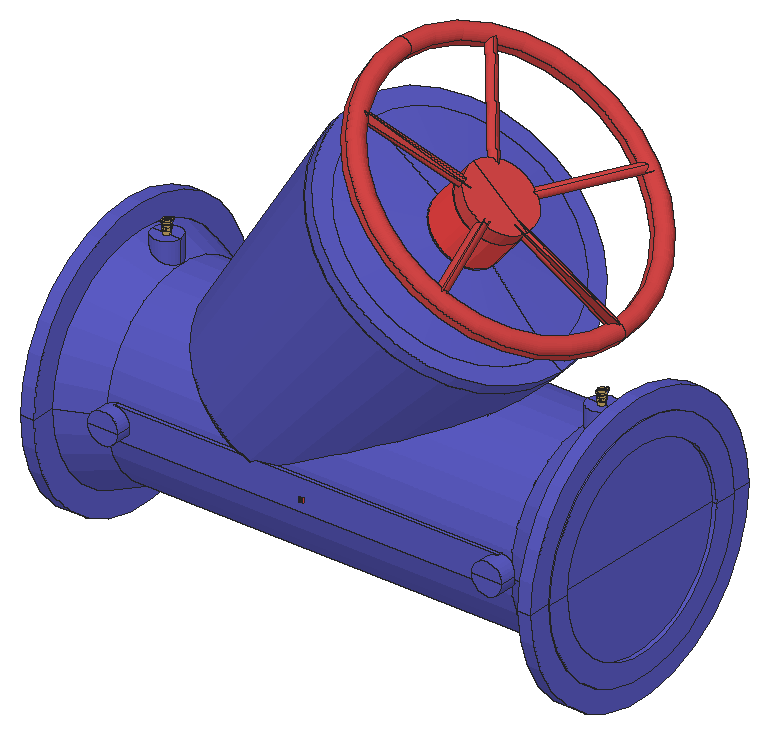
Revit family "HERZ Strömax Балансировочный клапан с измерительными клапанами, шпиндель наклонный 4218 GF PN16", category Rohrzubehör, Revit 2020
Family settings
  Bemaßung runder Anschluss = Durchmesser verwenden
  Teiletyp = Unterbricht
  OmniClass-Nummer = 23.65.55.14
  OmniClass-Titel = Valves for Liquid Services
  Arbeitsebenenbasiert = Nein
  Immer vertikal = Ja
  Beim Laden mit Abzugskörper schneiden = Nein
  Gemeinsam genutzt = Nein
Parameters
  Шпиндель = "нержавеющая сталь"  # constant formula
  Среда = "Допускается использование этилен- и пропиленгликоля в концентрации смеси 25-50% объема.\r\nКачество теплоносителя согласно ÖNORM H 5195 и VDI 2035."
  Область применения = "Для гидравлической балансировки в системах отопления или охлаждения, регулирования и перекрытия трубопроводов, стояков, теплообменников, тепловых и холодильных регистров."
  Номер заказа [instance] = size_lookup("4218_GF_16_", "Artnr", 0, Nennweite)  # 1421890
  Мин. рабочая температура = -10 °C  # constant formula
  Макс. рабочее давление = 1600000.0 Pa  # constant formula
  Макс. рабочая температура = 110 °C  # constant formula
  Корпус = "чугун с шаровидным графитом EN-GJS-400-15"  # constant formula
  Исполнение = "Балансировочный  клапан STRÖMAX-GF с измерительными клапанами, DN 350-500, корпус из чугуна с шаровидным графитом GJS 400-15 в соответствии с EN 1561, фланцы в соответствии с EN 1092, PN 16 или PN 25, покрыт синей эмалью.\r\nБукса из чугуна с шаровидным графитом GJS 400-15, с неподнимающимся шпинделем, уплотнение шпинделя с посощью тройных кольцевых уплотнений.\r\nЦифровой лимб указателя настройки."
  Измерение перепада давления = "Балансировочный клапан STRÖMAX GF оборудован двумя измерительными клапанами:\r\nпри использовании соответствующего измерительного прибора можно измерить перепад давления и благодаря этому можно соответственно определить расход."
  Букса = "чугун с шаровидным графитом EN-GJS-400-15"  # constant formula
  kvs-значения [instance] = if(Nennweite = 350.00 mm, 2917.6, if(Nennweite = 400.00 mm, 3854.8, if(Nennweite = 500.00 mm, 5250.6, 0)))  # 3854.8
  Счетное устройство = "пластмасса"  # constant formula
  W02 = 60.00°  # constant formula
  W01 = 50.00°  # constant formula
  Кегель клапана = "чугун с шаровидным графитом EN-GJS-400-15 согласно EN 1561 / EPDM с покрытием"  # constant formula
  Vorgabe-Ansicht = 0.00 mm
  S01 [instance] = Nennweite + 10.00 mm  # 410.00 mm
  Регулирующий шпиндель = "нержавеющая сталь"  # constant formula
  O-Ring = "EPDM"  # constant formula
  L04 [instance] = size_lookup("4218_GF_16_", "L4", 1.00 mm, Nennweite)  # 229.00 mm
  H11 = 85.00 mm  # constant formula
  H10 [instance] = H07 + H03  # 629.50 mm
  H08 = 47.00 mm  # constant formula
  H07 = 50.00 mm  # constant formula
  H06 = 27.00 mm  # constant formula
  H05 [instance] = H04 + 25.00 mm  # 516.00 mm
  H04 [instance] = size_lookup("4218_GF_16_", "H4", 1.00 mm, Nennweite)  # 491.00 mm
  H03 [instance] = size_lookup("4218_GF_16_", "H3", 1.00 mm, Nennweite)  # 579.50 mm
  Вес [instance] = if(Nennweite = 350.00 mm, "536.0 kg", if(Nennweite = 400.00 mm, "547.0 kg", if(Nennweite = 500.00 mm, "968.0 kg", "0")))  # "547.0 kg"
  URL = "www.herz-armaturen.ru"
  SCRNSEQ = "ARM;ARM_TYP=\"STRV\";2"
  SCRNCODE = "05;07;02"  # constant formula
  R02 [instance] = size_lookup("4218_GF_16_", "R2", 1.00 mm, Nennweite)  # 30.00 mm
  R01 [instance] = size_lookup("4218_GF_16_", "R1", 1.00 mm, Nennweite)  # 32.50 mm
  Nennweite [instance] = 400.00 mm
  L03 [instance] = size_lookup("4218_GF_16_", "L3", 1.00 mm, Nennweite)  # 465.00 mm
  L02 [instance] = size_lookup("4218_GF_16_", "L2", 1.00 mm, Nennweite)  # 410.00 mm
  L01 [instance] = size_lookup("4218_GF_16_", "L1", 1.00 mm, Nennweite)  # 432.50 mm
  L00 [instance] = size_lookup("4218_GF_16_", "L", 1.00 mm, Nennweite)  # 1100.00 mm
  Hersteller = "HERZ Armaturen Ges.m.b.H."  # constant formula
  H09 [instance] = H03  # 579.50 mm
  H02 [instance] = size_lookup("4218_GF_16_", "H2", 1.00 mm, Nennweite)  # 250.00 mm
  H01 [instance] = size_lookup("4218_GF_16_", "H1", 1.00 mm, Nennweite)  # 239.00 mm
  GT = 10.00 mm  # constant formula
  FLL02 [instance] = size_lookup("4218_GF_16_", "FLL2", 1.00 mm, Nennweite)  # 28.00 mm
  FLL01 [instance] = size_lookup("4218_GF_16_", "FLL1", 1.00 mm, Nennweite)  # 4.00 mm
  FLD03 [instance] = size_lookup("4218_GF_16_", "FLD3", 1.00 mm, Nennweite)  # 203.20 mm
  FLD02 [instance] = size_lookup("4218_GF_16_", "FLD2", 1.00 mm, Nennweite)  # 240.00 mm
  FLD01 [instance] = size_lookup("4218_GF_16_", "FLD1", 1.00 mm, Nennweite)  # 245.00 mm
  FLD00 [instance] = size_lookup("4218_GF_16_", "FLD", 1.00 mm, Nennweite)  # 290.00 mm
  DN500 [instance] = Nennweite = 500.00 mm  # no
  DN400 [instance] = Nennweite = 400.00 mm  # yes
  DN350 [instance] = Nennweite = 350.00 mm  # no
  D05 = 75.00 mm  # constant formula
  D04 [instance] = size_lookup("4218_GF_16_", "D4", 1.00 mm, Nennweite)  # 37.50 mm
  D03 [instance] = size_lookup("4218_GF_16_", "D3", 1.00 mm, Nennweite)  # 220.00 mm
  D02 [instance] = D03 - 20.00 mm  # 200.00 mm
  D01 [instance] = size_lookup("4218_GF_16_", "D1", 1.00 mm, Nennweite)  # 285.00 mm
  D00 [instance] = size_lookup("4218_GF_16_", "D", 1.00 mm, Nennweite)  # 218.00 mm
  BH02 [instance] = -BH01  # -32.50 mm
  BH01 [instance] = size_lookup("4218_GF_16_", "BH1", 1.00 mm, Nennweite)  # 32.50 mm
  Anschluss [instance] = Nennweite / 2  # 200.00 mm
Reference planes
  plane 1 "Mitte (Vorne/hinten)": y = 0
  plane 2: z = 0
  plane 3 "Mitte (Links/rechts)": x = 0
Forms (mm)
  Revolve 1, solid, material "Herz-Marineblau", detail levels fine
    sketch origin (1058.943, 0, 0) x (1, 0, 0) y (0, 1, 0)
      loop
        line (-1604.943, 290) -> (-1604.943, 245) -> (-1608.943, 245) -> (-1608.943, 200) -> (-1598.943, 200) -> (-1598.943, 0) -> (-518.943, 0) -> (-518.943, 200) -> (-508.943, 200) -> (-508.943, 245) -> (-512.943, 245) -> (-512.943, 290) -> (-540.943, 290) -> (-540.943, 240) -> (-626.443, 203.2)
        arc (-626.443, 203.2) -> (-1058.943, 218) -> (-1491.443, 203.2) r 6326.868
        line (-1491.443, 203.2) -> (-1576.943, 240) -> (-1576.943, 290) -> (-1604.943, 290)
      axis (-1608.943, 0) -> (-508.943, 0)
    angle from 0 to 360
  Revolve 2, solid, material "Herz-Marineblau", detail levels fine
    sketch origin (0, 0, 0) x (1, 0, 0) y (0, 1, 0)
      loop
        line (-410, 239) -> (-442.5, 239) -> (-442.5, -239) -> (-410, -239) -> (-410, 239)
      axis (-410, 239) -> (-410, -239)
    angle from 0 to 360
  Revolve 3, solid, material "Herz-Marineblau", detail levels fine
    sketch origin (0, 0, 0) x (-1, 0, 0) y (0, 1, 0)
      loop
        line (-410, 239) -> (-442.5, 239) -> (-442.5, -239) -> (-410, -239) -> (-410, 239)
      axis (-410, 239) -> (-410, -239)
    angle from 0 to 360
  Revolve 4, solid, material "Herz-Marineblau", detail levels fine
    sketch origin (0, 0, 0) x (1, 0, 0) y (0, 0, 1)
      loop
        line (-465, 0) -> (-465, 250) -> (-495, 250) -> (-495, 0) -> (-465, 0)
      axis (-465, 250) -> (-465, 0)
    angle from 0 to 360
  Revolve 5, solid, material "Herz-Marineblau", detail levels fine
    sketch origin (0, 0, 0) x (-1, 0, 0) y (0, 0, 1)
      loop
        line (-465, 0) -> (-465, 250) -> (-495, 250) -> (-495, 0) -> (-465, 0)
      axis (-465, 250) -> (-465, 0)
    angle from 0 to 360
  Extrusion 6, solid, material "Herz-Marineblau", visible <- "DN500", detail levels fine
    sketch origin (0, 0, 0) x (1, 0, 0) y (0, 1, 0)
      loop
        arc (-475, -263.998) -> (0, -282.994) -> (475, -263.998) r 5948.094
        line (475, -263.998) -> (475, 263.998)
        arc (475, 263.998) -> (0, 282.994) -> (-475, 263.998) r 5948.094
        line (-475, 263.998) -> (-475, -263.998)
    from -32.5 <- "BH02" to 32.5 <- "BH01"
  Extrusion 7, solid, material "Herz-Marineblau", visible <- "DN400", detail levels fine
    sketch origin (0, 0, 0) x (1, 0, 0) y (0, 1, 0)
      loop
        arc (-410, -209.712) -> (0, -223.005) -> (410, -209.712) r 6329.849
        line (410, -209.712) -> (410, 209.712)
        arc (410, 209.712) -> (0, 223.005) -> (-410, 209.712) r 6329.849
        line (-410, 209.712) -> (-410, -209.712)
    from -32.5 <- "BH02" to 32.5 <- "BH01"
  Extrusion 8, solid, material "Herz-Marineblau", visible <- "DN350", detail levels fine
    sketch origin (0, 0, 0) x (1, 0, 0) y (0, 1, 0)
      loop
        arc (-390, -185.916) -> (0, -255.071) -> (390, -185.916) r 1134.286
        line (390, -185.916) -> (390, 185.916)
        arc (390, 185.916) -> (0, 255.071) -> (-390, 185.916) r 1134.286
        line (-390, 185.916) -> (-390, -185.916)
    from -32.5 <- "BH02" to 32.5 <- "BH01"
  Revolve 9, solid, material "Herz-Marineblau", detail levels fine
    sketch origin (0, 0, 0) x (1, 0, 0) y (0, 0, 1)
      loop
        line (-229, 0) -> (143.495, 443.923) -> (-74.827, 627.117) -> (-340.643, 209.208) -> (-341.392, 177.201) -> (-229, 0)
      axis (-229, 0) -> (143.495, 443.923)
    angle from 0 to 360
  Revolve 10, solid, material "Herz-Marineblau", detail levels fine
    sketch origin (0, 0, 0) x (1, 0, 0) y (0, 0, 1)
      loop
        line (143.495, 443.923) -> (175.635, 482.225) -> (118.181, 530.434) -> (116.253, 528.136)
        arc (116.253, 528.136) -> (45.842, 579.084) -> (-28.745, 623.696) r 995.411
        line (-28.745, 623.696) -> (-57.472, 647.8) -> (-74.827, 627.117) -> (143.495, 443.923)
      axis (175.635, 482.225) -> (143.495, 443.923)
    angle from 0 to 360
  Revolve 11, solid, material "Kunsstoff rot", detail levels fine
    sketch origin (0, 0, 0) x (1, 0, 0) y (0, 0, 1)
      loop
        line (175.635, 482.225) -> (230.272, 547.339) -> (172.818, 595.548) -> (118.181, 530.434) -> (175.635, 482.225)
      axis (230.272, 547.339) -> (175.635, 482.225)
    angle from 0 to 360
Lines and regions (mm)
  model lines, detail levels coarse+medium
    curve 1: line (-550, 0, 290) -> (-550, 0, -290)
    curve 2: line (-550, 0, -290) -> (550, 0, 290)
    curve 3: line (550, 0, 290) -> (550, 0, -290)
    curve 4: line (550, 0, -290) -> (-550, 0, 290)
    curve 5: line (0, 0, 0) -> (334.574, 0, 579.5)
    curve 6: line (157.039, 0, 682) -> (512.11, 0, 477)
    curve 7: line (-550, 290, 0) -> (-550, -290, 0)
    curve 8: line (-550, -290, 0) -> (550, 290, 0)
    curve 9: line (550, 290, 0) -> (550, -290, 0)
    curve 10: line (550, -290, 0) -> (-550, 290, 0)
    curve 11: line (0, 0, 0) -> (334.574, 579.5, 0)
    curve 12: line (157.039, 682, 0) -> (512.11, 477, 0)
Dimensions and locks
  "FLD00": plane 1 "Mitte (Vorne/hinten)" to Revolve 1 sketch curve
  "FLD01": plane 1 "Mitte (Vorne/hinten)" to Revolve 1 sketch curve
  "FLD02": plane 1 "Mitte (Vorne/hinten)" to Revolve 1 sketch curve  (x2)
  "FLD03": plane 1 "Mitte (Vorne/hinten)" to Revolve 1 sketch curve  (x2)
  "GT": Revolve 1 sketch curve to Revolve 1 sketch curve  (x2)
  "FLL01": Revolve 1 sketch curve to Revolve 1 sketch curve  (x2)
  "FLL02": Revolve 1 sketch curve to Revolve 1 sketch curve  (x2)
  equal spacing: Revolve 1 sketch curve, plane 3 "Mitte (Links/rechts)", Revolve 1 sketch curve
  "Anschluss": Revolve 1 sketch curve to plane 1 "Mitte (Vorne/hinten)"
  "Anschluss": plane 1 "Mitte (Vorne/hinten)" to Revolve 1 sketch curve
  "FLD01": Revolve 1 sketch curve to plane 1 "Mitte (Vorne/hinten)"
  "FLD00": Revolve 1 sketch curve to plane 1 "Mitte (Vorne/hinten)"
  "L00": Revolve 1 sketch curve to Revolve 1 sketch curve
  "D00": plane 1 "Mitte (Vorne/hinten)" to Revolve 1 sketch curve
  "L01": Revolve 1 sketch curve to plane 3 "Mitte (Links/rechts)" to Revolve 1 sketch curve
  "L02": Revolve 2 sketch curve to plane 3 "Mitte (Links/rechts)"
  "R01": Revolve 2 sketch curve to Revolve 2 sketch curve
  "H01": Revolve 2 sketch curve to plane 1 "Mitte (Vorne/hinten)" to Revolve 2 sketch curve
  "L02": plane 3 "Mitte (Links/rechts)" to Revolve 3 sketch curve
  "R01": Revolve 3 sketch curve to Revolve 3 sketch curve
  "H01": Revolve 3 sketch curve to plane 1 "Mitte (Vorne/hinten)" to Revolve 3 sketch curve
  "L03": plane 3 "Mitte (Links/rechts)" to Revolve 4 sketch curve
  "R02": Revolve 4 sketch curve to Revolve 4 sketch curve
  "H02": Revolve 4 sketch curve to plane 2
  "R02": Revolve 5 sketch curve to Revolve 5 sketch curve
  "L03": Revolve 5 sketch curve to plane 3 "Mitte (Links/rechts)"
  "H02": Revolve 5 sketch curve to plane 2
  "L03": plane 3 "Mitte (Links/rechts)" to nested 1
  "L03": nested 2 to plane 3 "Mitte (Links/rechts)"
  "H02": nested 1 to plane 2
  "H02": nested 2 to plane 2
  "FLD00": curve 4 to plane 2 to curve 2
  "FLD00": curve 3 to plane 2 to curve 4
  equal spacing: curve 1, plane 3 "Mitte (Links/rechts)", curve 3
  "L00": curve 1 to curve 3
  "H09": curve 5 to plane 2
  equal spacing: curve 1, curve 5, curve 3
  equal spacing: curve 6, curve 5, curve 6
  "S01": curve 6 to curve 6
  "FLD00": curve 8 to plane 1 "Mitte (Vorne/hinten)" to curve 10
  "FLD00": curve 10 to plane 1 "Mitte (Vorne/hinten)" to curve 9
  equal spacing: curve 7, plane 3 "Mitte (Links/rechts)", curve 9
  "L00": curve 7 to curve 9
  equal spacing: curve 7, curve 11, curve 9
  "H09": plane 1 "Mitte (Vorne/hinten)" to curve 11
  equal spacing: curve 12, curve 11, curve 12
  "S01": curve 12 to curve 12
  "L04": plane 3 "Mitte (Links/rechts)" to Revolve 9 sketch curve  (x2)
  "H03": Revolve 9 sketch curve to Revolve 9 sketch curve
  "D02": Revolve 9 sketch curve to Revolve 9 sketch curve
  "H05": Revolve 9 sketch curve to Revolve 9 sketch curve
  "H04": Revolve 9 sketch curve to Revolve 9 sketch curve
  "D03": Revolve 9 sketch curve to Revolve 9 sketch curve
  "H03": Revolve 10 sketch curve to Revolve 10 sketch curve
  "D01": Revolve 10 sketch curve to Revolve 10 sketch curve  (x2)
  "D04": Revolve 10 sketch curve to Revolve 10 sketch curve
  "D05": Revolve 10 sketch curve to Revolve 10 sketch curve
  "H06": Revolve 9 to Revolve 10 sketch curve
  "H07": Revolve 9 to Revolve 10 sketch curve
  "H08": Revolve 9 to Revolve 10 sketch curve
  "L04": plane 3 "Mitte (Links/rechts)" to Revolve 10 sketch curve
  "D01": Revolve 9 sketch curve to Revolve 9 sketch curve
  "L04": plane 3 "Mitte (Links/rechts)" to Revolve 11 sketch curve
  "H11": Revolve 10 to Revolve 11 sketch curve
  "D05": Revolve 11 sketch curve to Revolve 11 sketch curve  (x2)
  "H10": Revolve 11 sketch curve to Revolve 11 sketch curve
  "W02": angle plane 2 to curve 5
  "W02": angle plane 1 "Mitte (Vorne/hinten)" to curve 11
  "W01": angle plane 2 to Revolve 9 sketch curve  (x2)
  "W01": angle plane 2 to Revolve 10 sketch curve  (x2)
  "W01": angle plane 2 to Revolve 11 sketch curve  (x2)
  aligned and locked: level to plane 2
Automatic sketch dimensions
  Extrusion 6 sketch curve to plane 3 "Mitte (Links/rechts)" = 0.00 mm  (x2)
  plane 1 "Mitte (Vorne/hinten)" to Extrusion 6 sketch curve = 263.998 mm
  Extrusion 6 sketch curve to plane 3 "Mitte (Links/rechts)" = 475.00 mm
  Extrusion 6 sketch curve to Extrusion 6 sketch curve = 5401.102 mm
  Extrusion 6 sketch curve to plane 1 "Mitte (Vorne/hinten)" = 5665.10 mm
  Extrusion 6 sketch curve to plane 1 "Mitte (Vorne/hinten)" = 263.998 mm  (x2)
  Extrusion 7 sketch curve to plane 3 "Mitte (Links/rechts)" = 0.00 mm  (x2)
  plane 1 "Mitte (Vorne/hinten)" to Extrusion 7 sketch curve = 209.712 mm  (x2)
  Extrusion 7 sketch curve to plane 3 "Mitte (Links/rechts)" = 410.00 mm
  Extrusion 7 sketch curve to Extrusion 7 sketch curve = 5897.131 mm
  Extrusion 7 sketch curve to plane 1 "Mitte (Vorne/hinten)" = 6106.844 mm
  Extrusion 7 sketch curve to plane 1 "Mitte (Vorne/hinten)" = 209.712 mm
  Extrusion 8 sketch curve to plane 3 "Mitte (Links/rechts)" = 0.00 mm  (x2)
  plane 1 "Mitte (Vorne/hinten)" to Extrusion 8 sketch curve = 185.916 mm
  Extrusion 8 sketch curve to plane 3 "Mitte (Links/rechts)" = 390.00 mm
  Extrusion 8 sketch curve to Extrusion 8 sketch curve = 693.298 mm
  Extrusion 8 sketch curve to plane 1 "Mitte (Vorne/hinten)" = 879.214 mm
  Extrusion 8 sketch curve to plane 1 "Mitte (Vorne/hinten)" = 185.916 mm  (x2)
  plane 1 "Mitte (Vorne/hinten)" to Revolve 1 sketch curve = 0.00 mm  (x2)
  Revolve 1 sketch curve to Revolve 1 sketch curve = 35.00 mm
  Revolve 1 sketch curve to Revolve 1 sketch curve = 40.00 mm
  Revolve 2 sketch curve to Revolve 2 sketch curve = 0.00 mm  (x3)
  Revolve 3 sketch curve to Revolve 3 sketch curve = 0.00 mm  (x3)
  Revolve 4 sketch curve to level = 0.00 mm  (x2)
  Revolve 4 sketch curve to Revolve 4 sketch curve = 0.00 mm  (x2)
  Revolve 5 sketch curve to level = 0.00 mm  (x2)
  Revolve 5 sketch curve to Revolve 5 sketch curve = 0.00 mm  (x2)
  Revolve 9 sketch curve to level = 0.00 mm  (x2)
  Revolve 10 sketch curve to level = 0.00 mm
  Revolve 10 sketch curve to level = 252.062 mm
  Revolve 11 sketch curve to level = 0.00 mm
Nested families
  nested 1: "Messstutzen_Band_Eintritt_senkrecht_(oben)" at (-465, 0, 241), type "Messstutzen_Band_Eintritt_senkrecht_(oben)", detail levels fine
    with Schutzkappe yes, Nennweite 0.00 mm, Gewicht 0.00 kg, Bestellnummer 0
  nested 2: "Messstutzen_Band_Austritt_senkrecht_(oben)" at (465, 0, 241), type "Messstutzen_Band_Austritt_senkrecht_(oben)", detail levels fine
    with Schutzkappe yes, Nennweite 0.00 mm, Gewicht 0.00 kg, Bestellnummer 0
  nested 3: "Herz-Logo-vorne" at (0, -282.994, 0) x (0, 1, 0) z (0, 0, 1), visible <- "DN500", type "Herz-Logo-vorne", detail levels fine
  nested 4: "Herz-Logo-vorne" at (0, -221.503, 0) x (0, 1, 0) z (0, 0, 1), visible <- "DN400", type "Herz-Logo-vorne", detail levels fine
  nested 5: "Herz-Logo-vorne" at (0, -255.053, 0) x (0, 1, 0) z (0, 0, 1), visible <- "DN350", type "Herz-Logo-vorne", detail levels fine
  nested 6: "Strangregulierventil-Handrad_VOLL-Schräg (Rot) DN350-DN400" at (211.704, 0, 501.376), visible <- "DN350", type "Strangregulierventil-Handrad_VOLL-Schräg (Rot) DN350-DN400"
    with DN300 yes
  nested 7: "Strangregulierventil-Handrad_VOLL-Schräg (Rot) DN350-DN400" at (230.272, 0, 547.339), visible <- "DN400", type "Strangregulierventil-Handrad_VOLL-Schräg (Rot) DN350-DN400"
    with DN300 yes
  nested 8: "Strangregulierventil-Handrad_VOLL-Schräg (Rot) DN500" at (262.637, 0, 616.896), visible <- "DN500", type "Strangregulierventil-Handrad_VOLL-Schräg (Rot) DN500", detail levels fine
    with DN300 yes
Connectors
  piping at (-550, 0, 0), diameter 400, driven by "Nennweite"
    settings: on Revolve 1, index 1, connector inside diameter 609.6 mm, connector length 0.00 mm, flow factor 0, pipe flow 0.0 L/s, pressure drop 0.0 Pa, fitting loss kfactor 0, connector angle 0.00°, fixture units 0, engagement length 0.00 mm, angle of deflection 0.00°, flow configuration 0, flow direction 1, fitting loss method 0, system type 29, joint type 0, gender type 0, connector reference index -1, connector utility 0, adjustable connector no, is connector primary yes, connector description ""
  piping at (550, 0, 0), diameter 400, driven by "Nennweite"
    settings: on Revolve 1, index 2, connector inside diameter 609.6 mm, connector length 0.00 mm, flow factor 0, pipe flow 0.0 L/s, pressure drop 0.0 Pa, fitting loss kfactor 0, connector angle 0.00°, fixture units 0, engagement length 0.00 mm, angle of deflection 0.00°, flow configuration 0, flow direction 2, fitting loss method 0, system type 29, joint type 0, gender type 0, connector reference index -1, connector utility 0, adjustable connector no, is connector primary no, connector description ""
Definition of nested family "Messstutzen_Band_Eintritt_senkrecht_(oben)"
  Parameters (values of type "Messstutzen_Band_Eintritt_senkrecht_(oben)")
    Default Elevation = 0.00 mm
    URL = "www.herz-armaturen.at"
    Schutzkappe [instance] = yes
    Nennweite [instance] = 0.00 mm
    Manufacturer = "Herz Armaturen GmbH"  # constant formula
    Gewicht [instance] = 0.00 kg
    Bestellnummer [instance] = 0
  Reference planes
    plane 1 "Mitte (Vorne/hinten)": y = 0
    plane 2: z = 0
    plane 3 "Mitte (Links/rechts)": x = 0
    plane 4 "Schlaufe 1": z = -27
    plane 5 "Schlaufe 2": z = -31.678
  Forms (mm)
    Revolve 1, solid, detail levels fine
      sketch origin (0, 0, 0) x (1, 0, 0) y (0, 0, 1)
        loop
          line (-7.4, 9) -> (-5.55, 9) -> (-5.55, 6)
          arc (-5.55, 6) -> (-5.626, 5.617) -> (-5.843, 5.293) r 1
          line (-5.843, 5.293) -> (-6.455, 4.681) -> (-6.455, 0.9) -> (-5.555, 0) -> (-2, 0) -> (-2, 17.5) -> (-8.4, 17.5)
          arc (-8.4, 17.5) -> (-7.693, 17.207) -> (-7.4, 16.5) r 1
          line (-7.4, 16.5) -> (-7.4, 9)
        loop
          line (-3.7, 27) -> (-7.3, 27) -> (-7.9, 26.4) -> (-7.9, 23) -> (-2, 23) -> (-2, 35.8) -> (-3.805, 35.8) -> (-4.415, 35.19) -> (-4.415, 30.863) -> (-3.7, 30.45) -> (-3.7, 27)
        axis (0, 0) -> (0, 35.8)
      angle from 0 to 360
    Extrusion 2, solid, detail levels fine
      sketch origin (0, 0, 17.5) x (0, 1, 0) y (-1, 0, 0)
        loop
          arc (-7.07, 5.156) -> (-7.578, 4.375) -> (-8, 3.544) r 8.75
          line (-8, 3.544) -> (-8, -3.544)
          arc (-8, -3.544) -> (-7.578, -4.375) -> (-7.07, -5.156) r 8.75
          line (-7.07, -5.156) -> (-0.93, -8.7)
          arc (-0.93, -8.7) -> (0, -8.75) -> (0.93, -8.7) r 8.75
          line (0.93, -8.7) -> (7.07, -5.156)
          arc (7.07, -5.156) -> (7.578, -4.375) -> (8, -3.544) r 8.75
          line (8, -3.544) -> (8, 3.544)
          arc (8, 3.544) -> (7.578, 4.375) -> (7.07, 5.156) r 8.75
          line (7.07, 5.156) -> (0.93, 8.7)
          arc (0.93, 8.7) -> (0, 8.75) -> (-0.93, 8.7) r 8.75
          line (-0.93, 8.7) -> (-7.07, 5.156)
      from 0 to 5.5
    Revolve 3, solid, visible <- "Schutzkappe", detail levels fine
      sketch origin (0, 0, 0) x (1, 0, 0) y (0, 0, 1)
        loop
          line (0, 35.878) -> (0, 36.678) -> (-7, 36.678) -> (-7, 33.378) -> (-6.1, 33.378) -> (-6.1, 31.678) -> (-6.9, 31.678) -> (-6.9, 30.178) -> (-4.415, 30.178) -> (-4.415, 35.268) -> (-3.805, 35.878) -> (0, 35.878)
        axis (0, 30.178) -> (0, 36.678)
      angle from 0 to 360
    Extrusion 4, solid, detail levels fine
      sketch origin (0, 0, 28.5) x (1, 0, 0) y (0, 1, 0)
        loop
          circle (0, 0) r 3.7
        loop
          arc (-3.906, 5.505) -> (0, -6.75) -> (3.906, 5.505) r 6.75
          arc (3.906, 5.505) -> (2.358, 7.288) -> (1.8, 9.582) r 5
          line (1.8, 9.582) -> (-1.8, 9.582)
          arc (-1.8, 9.582) -> (-2.358, 7.288) -> (-3.906, 5.505) r 5
      from 0 to -1.5
    Extrusion 5, solid, detail levels fine
      sketch origin (0, 0, 33.178) x (1, 0, 0) y (0, 1, 0)
        loop
          circle (0, 0) r 6.1
        loop
          arc (-4.495, 8.652) -> (0, -9.75) -> (4.495, 8.652) r 9.75
          arc (4.495, 8.652) -> (2.527, 10.493) -> (1.8, 13.089) r 5
          line (1.8, 13.089) -> (-1.8, 13.089)
          arc (-1.8, 13.089) -> (-2.527, 10.493) -> (-4.495, 8.652) r 5
      from 0 to -1.5
    Sweep 6, solid, detail levels fine
      path origin (0, 0, 0) x (0, 0, -1) y (0, -1, 0)
        loop
          line (-27.75, -9.582) -> (-27.75, -14.522)
          arc (-27.75, -14.522) -> (-30.089, -16.862) -> (-32.428, -14.522) r 2.339
          line (-32.428, -14.522) -> (-32.428, -13.089)
      profile origin (0, 12.052, 27.75) x (0, 0, 1) y (1, 0, 0)
        loop
          line (-0.75, -1.8) -> (0.75, -1.8) -> (0.75, 1.8) -> (-0.75, 1.8) -> (-0.75, -1.8)
  Dimensions and locks
    aligned and locked: level to plane 2
Definition of nested family "Messstutzen_Band_Austritt_senkrecht_(oben)"
  Parameters (values of type "Messstutzen_Band_Austritt_senkrecht_(oben)")
    Default Elevation = 0.00 mm
    URL = "www.herz-armaturen.at"
    Schutzkappe [instance] = yes
    Nennweite [instance] = 0.00 mm
    Manufacturer = "Herz Armaturen GmbH"  # constant formula
    Gewicht [instance] = 0.00 kg
    Bestellnummer [instance] = 0
  Reference planes
    plane 1 "Mitte (Vorne/hinten)": y = 0
    plane 2: z = 0
    plane 3 "Mitte (Links/rechts)": x = 0
    plane 4 "Schlaufe 1": z = -27
    plane 5 "Schlaufe 2": z = -31.678
  Forms (mm)
    Revolve 1, solid, detail levels fine
      sketch origin (0, 0, 0) x (1, 0, 0) y (0, 0, 1)
        loop
          line (-7.4, 9) -> (-5.55, 9) -> (-5.55, 6)
          arc (-5.55, 6) -> (-5.626, 5.617) -> (-5.843, 5.293) r 1
          line (-5.843, 5.293) -> (-6.455, 4.681) -> (-6.455, 0.9) -> (-5.555, 0) -> (-2, 0) -> (-2, 17.5) -> (-8.4, 17.5)
          arc (-8.4, 17.5) -> (-7.693, 17.207) -> (-7.4, 16.5) r 1
          line (-7.4, 16.5) -> (-7.4, 9)
        loop
          line (-3.7, 27) -> (-7.3, 27) -> (-7.9, 26.4) -> (-7.9, 23) -> (-2, 23) -> (-2, 35.8) -> (-3.805, 35.8) -> (-4.415, 35.19) -> (-4.415, 30.863) -> (-3.7, 30.45) -> (-3.7, 27)
        axis (0, 0) -> (0, 35.8)
      angle from 0 to 360
    Extrusion 2, solid, detail levels fine
      sketch origin (0, 0, 17.5) x (0, 1, 0) y (-1, 0, 0)
        loop
          arc (-7.07, 5.156) -> (-7.578, 4.375) -> (-8, 3.544) r 8.75
          line (-8, 3.544) -> (-8, -3.544)
          arc (-8, -3.544) -> (-7.578, -4.375) -> (-7.07, -5.156) r 8.75
          line (-7.07, -5.156) -> (-0.93, -8.7)
          arc (-0.93, -8.7) -> (0, -8.75) -> (0.93, -8.7) r 8.75
          line (0.93, -8.7) -> (7.07, -5.156)
          arc (7.07, -5.156) -> (7.578, -4.375) -> (8, -3.544) r 8.75
          line (8, -3.544) -> (8, 3.544)
          arc (8, 3.544) -> (7.578, 4.375) -> (7.07, 5.156) r 8.75
          line (7.07, 5.156) -> (0.93, 8.7)
          arc (0.93, 8.7) -> (0, 8.75) -> (-0.93, 8.7) r 8.75
          line (-0.93, 8.7) -> (-7.07, 5.156)
      from 0 to 5.5
    Revolve 3, solid, visible <- "Schutzkappe", detail levels fine
      sketch origin (0, 0, 0) x (1, 0, 0) y (0, 0, 1)
        loop
          line (0, 35.878) -> (0, 36.678) -> (-7, 36.678) -> (-7, 33.378) -> (-6.1, 33.378) -> (-6.1, 31.678) -> (-6.9, 31.678) -> (-6.9, 30.178) -> (-4.415, 30.178) -> (-4.415, 35.268) -> (-3.805, 35.878) -> (0, 35.878)
        axis (0, 30.178) -> (0, 36.678)
      angle from 0 to 360
    Extrusion 4, solid, detail levels fine
      sketch origin (0, 0, 28.5) x (1, 0, 0) y (0, 1, 0)
        loop
          circle (0, 0) r 3.7
        loop
          arc (-3.906, 5.505) -> (0, -6.75) -> (3.906, 5.505) r 6.75
          arc (3.906, 5.505) -> (2.358, 7.288) -> (1.8, 9.582) r 5
          line (1.8, 9.582) -> (-1.8, 9.582)
          arc (-1.8, 9.582) -> (-2.358, 7.288) -> (-3.906, 5.505) r 5
      from 0 to -1.5
    Extrusion 5, solid, detail levels fine
      sketch origin (0, 0, 33.178) x (1, 0, 0) y (0, 1, 0)
        loop
          circle (0, 0) r 6.1
        loop
          arc (-4.495, 8.652) -> (0, -9.75) -> (4.495, 8.652) r 9.75
          arc (4.495, 8.652) -> (2.527, 10.493) -> (1.8, 13.089) r 5
          line (1.8, 13.089) -> (-1.8, 13.089)
          arc (-1.8, 13.089) -> (-2.527, 10.493) -> (-4.495, 8.652) r 5
      from 0 to -1.5
    Sweep 6, solid, detail levels fine
      path origin (0, 0, 0) x (0, 0, -1) y (0, -1, 0)
        loop
          line (-27.75, -9.582) -> (-27.75, -14.522)
          arc (-27.75, -14.522) -> (-30.089, -16.862) -> (-32.428, -14.522) r 2.339
          line (-32.428, -14.522) -> (-32.428, -13.089)
      profile origin (0, 12.052, 27.75) x (0, 0, 1) y (1, 0, 0)
        loop
          line (-0.75, -1.8) -> (0.75, -1.8) -> (0.75, 1.8) -> (-0.75, 1.8) -> (-0.75, -1.8)
  Dimensions and locks
    aligned and locked: level to plane 2
Definition of nested family "Herz-Logo-vorne"
  Parameters (values of type "Herz-Logo-vorne")
    Default Elevation = 0.00 mm
  Reference planes
    plane 1 "Mitte (Vorne/hinten)": y = 0
    plane 2: z = 0
    plane 3 "Mitte (Links/rechts)": x = 0
  Forms (mm)
    Extrusion 1, solid
      sketch origin (0.732, -0.018, 0.017) x (0, -1, 0) y (0, 0, 1)
        loop
          line (-0.018, -4.517) -> (4.482, -4.517) -> (4.482, 4.483) -> (-4.518, 4.483) -> (-4.518, -4.517) -> (-0.018, -4.517)
        loop
          line (-0.05, -3.48) -> (3.482, -3.48) -> (3.482, 3.483) -> (-3.518, 3.483) -> (-3.518, -3.48) -> (-0.05, -3.48)
        loop
          arc (-0.018, 2.383) -> (-1.543, 3.287) -> (-3.067, 2.383) r 1.738
          arc (-3.067, 2.383) -> (-3.191, 1.899) -> (-3.067, 1.415) r 1.009
          line (-3.067, 1.415) -> (-0.018, -3.281) -> (3.032, 1.415)
          arc (3.032, 1.415) -> (3.156, 1.899) -> (3.032, 2.383) r 1.009
          arc (3.032, 2.383) -> (1.507, 3.287) -> (-0.018, 2.383) r 1.738
        loop
          arc (1.885, 1.272) -> (2.005, 1.675) -> (1.885, 2.079) r 0.74
          arc (1.885, 2.079) -> (1.265, 2.416) -> (0.644, 2.079) r 0.74
          line (0.644, 2.079) -> (-0.018, 0.97) -> (-0.679, 2.079)
          arc (-0.679, 2.079) -> (-1.3, 2.416) -> (-1.921, 2.079) r 0.74
          arc (-1.921, 2.079) -> (-2.04, 1.675) -> (-1.921, 1.272) r 0.74
          line (-1.921, 1.272) -> (-0.018, -1.658) -> (1.885, 1.272)
      from 0 to 1.5
  Dimensions and locks
    aligned and locked: level to plane 2
Definition of nested family "Strangregulierventil-Handrad_VOLL-Schräg (Rot) DN350-DN400"
  Parameters (values of type "Strangregulierventil-Handrad_VOLL-Schräg (Rot) DN350-DN400")
    Default Elevation = 0.00 mm
    DN300 [instance] = yes
  Reference planes
    plane 1 "Mitte (Vorne/hinten)": y = 0
    plane 2: z = 0
    plane 3 "Mitte (Links/rechts)": x = 0
  Forms (mm)
    Revolve 1, solid, detail levels fine
      sketch origin (0, 0, 0) x (0.766044, 0, -0.642788) y (0.642788, 0, 0.766044)
        loop
          line (0, 0) -> (0, 30) -> (-75, 30) -> (-75, 0) -> (0, 0)
        loop
          line (-316.85, 58.85) -> (-316.85, 42.85) -> (-280.85, 42.85) -> (-280.85, 58.85)
          arc (-280.85, 58.85) -> (-298.85, 76.85) -> (-316.85, 58.85) r 18
        axis (0, 58.85) -> (0, 0)
      angle from 0 to 360
    Revolve 2, solid, detail levels fine
      sketch origin (0, 0, 0) x (0.766044, 0, -0.642788) y (0.642788, 0, 0.766044)
        loop
          line (299.245, 74.817) -> (49.107, 26.195) -> (50.831, 16.343) -> (301.153, 65.001) -> (299.245, 74.817)
        axis (50.832, 16.338) -> (301.154, 64.996)
      angle from 0 to 360
    Revolve 3, solid, detail levels fine
      sketch origin (0, 0, 0) x (0.236721, 0.951057, -0.198632) y (0.642788, 0, 0.766044)
        loop
          line (299.245, 74.817) -> (49.107, 26.195) -> (50.831, 16.343) -> (301.153, 65.001) -> (299.245, 74.817)
        axis (50.832, 16.338) -> (301.154, 64.996)
      angle from 0 to 360
    Revolve 4, solid, detail levels fine
      sketch origin (0, 0, 0) x (-0.619743, 0.587785, 0.520026) y (0.642788, 0, 0.766044)
        loop
          line (299.245, 74.817) -> (49.107, 26.195) -> (50.831, 16.343) -> (301.153, 65.001) -> (299.245, 74.817)
        axis (50.832, 16.338) -> (301.154, 64.996)
      angle from 0 to 360
    Revolve 5, solid, detail levels fine
      sketch origin (0, 0, 0) x (-0.619743, -0.587785, 0.520026) y (0.642788, 0, 0.766044)
        loop
          line (299.245, 74.817) -> (49.107, 26.195) -> (50.831, 16.343) -> (301.153, 65.001) -> (299.245, 74.817)
        axis (50.832, 16.338) -> (301.154, 64.996)
      angle from 0 to 360
    Revolve 6, solid, detail levels fine
      sketch origin (0, 0, 0) x (0.236721, -0.951057, -0.198632) y (0.642788, 0, 0.766044)
        loop
          line (299.245, 74.817) -> (49.107, 26.195) -> (50.831, 16.343) -> (301.153, 65.001) -> (299.245, 74.817)
        axis (50.832, 16.338) -> (301.154, 64.996)
      angle from 0 to 360
  Dimensions and locks
    Revolve 1 sketch curve to plane 2 = 255.179 mm
    Revolve 1 sketch curve to Revolve 1 sketch curve = 30.00 mm
    aligned and locked: level to plane 2
Definition of nested family "Strangregulierventil-Handrad_VOLL-Schräg (Rot) DN500"
  Parameters (values of type "Strangregulierventil-Handrad_VOLL-Schräg (Rot) DN500")
    Default Elevation = 0.00 mm
    DN300 [instance] = yes
  Reference planes
    plane 1 "Mitte (Vorne/hinten)": y = 0
    plane 2: z = 0
    plane 3 "Mitte (Links/rechts)": x = 0
  Forms (mm)
    Revolve 1, solid, detail levels fine
      sketch origin (0, 0, 0) x (0.766044, 0, -0.642788) y (0.642788, 0, 0.766044)
        loop
          line (0, 0) -> (0, 30) -> (-75, 30) -> (-75, 0) -> (0, 0)
        loop
          circle (-400, 94.75) r 16.85
        axis (0, 94.75) -> (0, 0)
      angle from 0 to 360
    Revolve 2, solid, detail levels fine
      sketch origin (0, 0, 0) x (0.766044, 0, -0.642788) y (0.642788, 0, 0.766044)
        loop
          line (400.44, 94.852) -> (397.067, 109.46) -> (48.97, 25.68) -> (51.251, 14.235) -> (400.44, 94.852)
        axis (51.251, 14.235) -> (400.44, 94.852)
      angle from 0 to 360
    Revolve 3, solid, detail levels fine
      sketch origin (0, 0, 0) x (0.383022, 0.866025, -0.321394) y (0.642788, 0, 0.766044)
        loop
          line (400.44, 94.852) -> (397.067, 109.46) -> (48.97, 25.68) -> (51.251, 14.235) -> (400.44, 94.852)
        axis (51.251, 14.235) -> (400.44, 94.852)
      angle from 0 to 360
    Revolve 4, solid, detail levels fine
      sketch origin (0, 0, 0) x (-0.383022, 0.866025, 0.321394) y (0.642788, 0, 0.766044)
        loop
          line (400.44, 94.852) -> (397.067, 109.46) -> (48.97, 25.68) -> (51.251, 14.235) -> (400.44, 94.852)
        axis (51.251, 14.235) -> (400.44, 94.852)
      angle from 0 to 360
    Revolve 5, solid, detail levels fine
      sketch origin (0, 0, 0) x (-0.766044, 0, 0.642788) y (0.642788, 0, 0.766044)
        loop
          line (400.44, 94.852) -> (397.067, 109.46) -> (48.97, 25.68) -> (51.251, 14.235) -> (400.44, 94.852)
        axis (51.251, 14.235) -> (400.44, 94.852)
      angle from 0 to 360
    Revolve 6, solid, detail levels fine
      sketch origin (0, 0, 0) x (-0.383022, -0.866025, 0.321394) y (0.642788, 0, 0.766044)
        loop
          line (400.44, 94.852) -> (397.067, 109.46) -> (48.97, 25.68) -> (51.251, 14.235) -> (400.44, 94.852)
        axis (51.251, 14.235) -> (400.44, 94.852)
      angle from 0 to 360
    Revolve 7, solid, detail levels fine
      sketch origin (0, 0, 0) x (0.383022, -0.866025, -0.321394) y (0.642788, 0, 0.766044)
        loop
          line (400.44, 94.852) -> (397.067, 109.46) -> (48.97, 25.68) -> (51.251, 14.235) -> (400.44, 94.852)
        axis (51.251, 14.235) -> (400.44, 94.852)
      angle from 0 to 360
  Dimensions and locks
    Revolve 1 sketch curve to Revolve 1 sketch curve = 30.00 mm
    Revolve 1 sketch curve to Revolve 1 sketch curve = 416.85 mm
    Revolve 1 sketch curve to level = 346.548 mm
    Revolve 1 sketch curve to Revolve 1 sketch curve = 75.00 mm
    aligned and locked: level to plane 2
